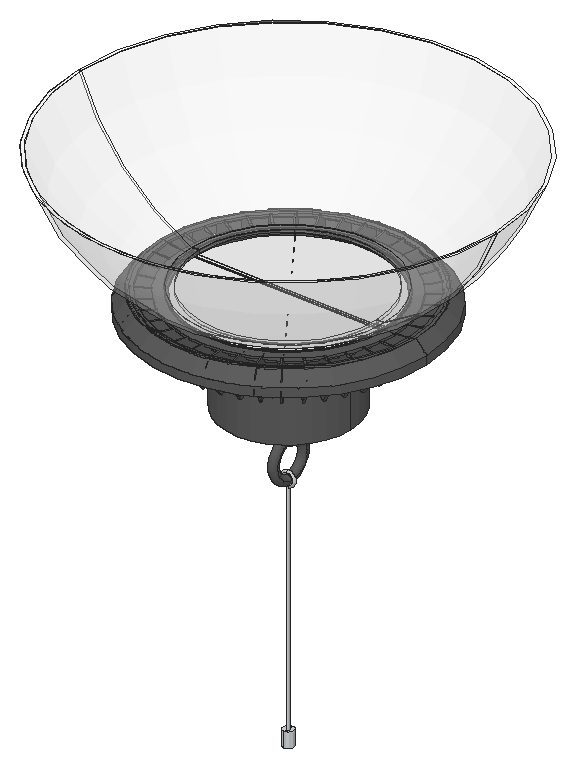
Revit family "0039362+0039358 Sylvania Lighting Fixture START HighBay IP65 DALI 13000lm 840 MB with PC LAMPSHADE TRANSPARENT 13 19KLM pendant", category Lighting Fixtures, host Face, Revit 2017
Family settings
  Host = Face
  Round Connector Dimension = Use Diameter
  Part Type = Normal
  OmniClass Number = 23.80.70.00
  OmniClass Title = Lighting
  Cut with Voids When Loaded = No
  Light Source = Yes
  Shared = No
  Room Calculation Point = No
Parameters (values of type "0039362+0039358 START HighBay IP65 DALI 13000lm 840 MB with PC LAMPSHADE TRANSPARENT 13/19KLM")
  WidthStraight_FEILO = if(SizeS_FEILO, 3 mm, if(SizeM_FEILO, 4 mm, 4.7 mm))  # 3 mm
  WidthRingChamfer_FEILO = if(SizeS_FEILO, 10.3 mm, if(SizeM_FEILO, 11.2 mm, 12.9 mm))  # 10.3 mm
  WidthCurved_FEILO = if(SizeS_FEILO, 17.4 mm, if(SizeM_FEILO, 16.4 mm, 26.2 mm))  # 17.4 mm
  WidthCurvedRing_FEILO = if(SizeS_FEILO, 3 mm, if(SizeM_FEILO, 4 mm, 4.7 mm))  # 3 mm
  WidthBracket_FEILO = 40 mm
  Weight = "3.0 kg"
  Wattage Comments = ""
  Wattage = 90 W
  WarrantyStartDate [instance] = "n/a"
  WarrantyGuarantorParts = "n/a"
  WarrantyDurationUnit = "n/a"
  WarrantyDurationParts = "n/a"
  WarrantyDescription = "n/a"
  built-in parameter 1150110 = 1 (stored number, unit not read)
  Voltage = 0 V
  VisibilityBracket_FEILO = no
  URL = "http://www.sylvania-lighting.com"
  TypeName = "START HighBay IP65 DALI 13000lm 840 MB with PC LAMPSHADE TRANSPARENT 13/19KLM"
  Type Image = <None>
  Type Comments = "n/a"
  built-in parameter 1114217 = 1 (stored number, unit not read)
  Tilt Angle = -90.00°
  ThicknessWall_FEILO = 1.5 mm
  ThicknessBracket_FEILO = 1.5 mm
  ThicknessBracketHalf_FEILO = ThicknessBracket_FEILO / 2  # 0.75 mm
  built-in parameter 1150109 = 1 (stored number, unit not read)
  built-in parameter 1150134 = 12
  SuspensionHeight_FEILO [instance] = 400 mm
  built-in parameter 1150113 = 1 (stored number, unit not read)
  SizeS_FEILO = yes
  SizeM_FEILO = no
  ShadeThickness_FEILO = 3 mm
  ShadeSizeSM_FEILO = or(SizeS_FEILO, SizeM_FEILO)  # yes
  ShadeRadiusOut_FEILO = 205 mm
  ShadeRadiusIn_FEILO = if(ShadeSizeSM_FEILO, 95 mm, 121 mm)  # 95 mm
  ShadeRadiusBend_FEILO = if(ShadeSizeSM_FEILO, 210 mm, 210 mm)  # 210 mm
  ShadeHeight_FEILO = if(ShadeSizeSM_FEILO, 120 mm, 151 mm)  # 120 mm
  SerialNumber [instance] = "n/a"
  Rib4_FEILO = if(SizeS_FEILO, 18.1 mm, if(SizeM_FEILO, 13.6 mm, 14.6 mm))  # 18.1 mm
  Rib3_FEILO = if(SizeS_FEILO, 15.3 mm, if(SizeM_FEILO, 17.6 mm, 20.2 mm))  # 15.3 mm
  Rib2_FEILO = if(SizeS_FEILO, 3.6 mm, if(SizeM_FEILO, 3.9 mm, 4.5 mm))  # 3.6 mm
  Rib1_FEILO = if(SizeS_FEILO, 15.1 mm, if(SizeM_FEILO, 16.5 mm, 19 mm))  # 15.1 mm
  RadiusDiffuser_FEILO = if(SizeS_FEILO, 95.2 mm, if(SizeM_FEILO, 105.3 mm, 120 mm))  # 95.2 mm
  RadiusArrayPost_FEILO = DriverRadius_FEILO - 6 mm  # 55.4 mm
  RHRadius3_FEILO = if(SizeS_FEILO, 6.6 mm, if(SizeM_FEILO, 7.4 mm, 8.6 mm))  # 6.6 mm
  RHRadius2_FEILO = if(SizeS_FEILO, 11 mm, if(SizeM_FEILO, 12 mm, 14 mm))  # 11 mm
  RHRadius1_FEILO = if(SizeS_FEILO, 13.6 mm, if(SizeM_FEILO, 14.9 mm, 17.7 mm))  # 13.6 mm
  RHHeight4_FEILO = if(SizeS_FEILO, 7.3 mm, if(SizeM_FEILO, 8 mm, 9.2 mm))  # 7.3 mm
  RHHeight3_FEILO = if(SizeS_FEILO, 3.6 mm, if(SizeM_FEILO, 3.7 mm, 4.6 mm))  # 3.6 mm
  RHHeight2_FEILO = if(SizeS_FEILO, 2 mm, if(SizeM_FEILO, 2.2 mm, 2.6 mm))  # 2 mm
  RHHeight1_FEILO = if(SizeS_FEILO, 11.8 mm, if(SizeM_FEILO, 15.3 mm, 17.4 mm))  # 11.8 mm
  Photometric Web File = "0039362+0039358.ies"
  Material_5_FEILO = Shade-Sylvania-StartHighbay-PC
  Material_3_FEILO = LED-Sylvania-StartHighbay-Glow
  PowerFactor = 0.95
  PowerConsumption = "90 W"
  NominalLength = 270 mm
  NominalHeight = 175 mm
  NominalDepth = 270 mm
  Name = "START HighBay IP65 DALI 13000lm 840 MB with PC LAMPSHADE TRANSPARENT 13/19KLM"
  ModelReference = Name  # "START HighBay IP65 DALI 13000lm 840 MB with PC LAMPSHADE TRANSPARENT 13/19KLM"
  ModelNumber = "0039362+0039358"
  Model = Name  # "START HighBay IP65 DALI 13000lm 840 MB with PC LAMPSHADE TRANSPARENT 13/19KLM"
  Material = "aluminium alloy housing, polycarbonate diffuser"
  ManufacturerName = "Feilo Sylvania"
  Manufacturer = "Feilo Sylvania"
  LuminousEfficacy = "130 lm/W"
  built-in parameter 1150105 = 15814.1 (stored number, unit not read)
  Lumens = 11700 lm
  LuminaireType = ""
  built-in parameter 1150115 = 1 (stored number, unit not read)
  LightOutputRatio = "n/a"
  built-in parameter 1150137 = (empty or 0)
  built-in parameter 1150139 = (empty or 0)
  LampsType = Lamp  # "LED"
  LampNominalLuminous = "11700 lm"
  LampMacAdamStep = "6"
  LampColourTemperature = "4000 K"
  LampColourRenderingIndex = "80"
  built-in parameter 1150112 = 1 (stored number, unit not read)
  built-in parameter 1150114 = 1 (stored number, unit not read)
  Lamp = "LED"
  Keynote = "16500"
  InstallationDate [instance] = "n/a"
  InputVoltage = "n/a"
  InputNominalFrequency = "50/60 Hz"
  built-in parameter 1150132 = (empty or 0)
  built-in parameter 1150102 = (empty or 0)
  built-in parameter 1150107 = 4000 (stored number, unit not read)
  built-in parameter 1150138 = (empty or 0)
  IngressProtection = "IP65"
  ImpactProtectionIndex = "IK08"
  built-in parameter 1150106 = 158.14 (stored number, unit not read)
  IfcExportType = "IfcLightFixtureType"
  IfcExportAs = "IfcLightFixtureType"
  HeightRing_FEILO = if(SizeS_FEILO, 19.8 mm, if(SizeM_FEILO, 32 mm, 36.8 mm))  # 19.8 mm
  HeightRingChamfer_FEILO = if(SizeS_FEILO, 11.7 mm, if(SizeM_FEILO, 23.2 mm, 26.6 mm))  # 11.7 mm
  EyeThickness_FEILO = if(SizeS_FEILO, 8.4 mm, if(SizeM_FEILO, 9.2 mm, 10.5 mm))  # 8.4 mm
  EyeThicknessHalf_FEILO = EyeThickness_FEILO / 2  # 4.2 mm
  EyeInner_FEILO = if(SizeS_FEILO, 13.8 mm, if(SizeM_FEILO, 15.1 mm, 17.3 mm))  # 13.8 mm
  ExpectedLife = 50000
  Emit from Circle Diameter = RadiusDiffuser_FEILO * 2  # 190.4 mm
  Emit Shape Visible in Rendering = no
  ElectricShockClassification = "Class I"
  built-in parameter 1150104 = 12.077 (stored number, unit not read)
  DurationUnit = "hours"
  DriverVerticalStraight_FEILO = if(SizeS_FEILO, 46.5 mm, if(SizeM_FEILO, 49.7 mm, 57 mm))  # 46.5 mm
  DriverVerticalChamfer_FEILO = if(SizeS_FEILO, 7.5 mm, if(SizeM_FEILO, 8.2 mm, 9.5 mm))  # 7.5 mm
  DriverRadius_FEILO = if(SizeS_FEILO, 61.4 mm, if(SizeM_FEILO, 67.2 mm, 76.4 mm))  # 61.4 mm
  DriverRadiusTop_FEILO = if(SizeS_FEILO, 42 mm, if(SizeM_FEILO, 45.3 mm, 52.4 mm))  # 42 mm
  DriverBottom_FEILO = if(SizeS_FEILO, 56 mm, if(SizeM_FEILO, 64.5 mm, 74 mm))  # 56 mm
  DocumentationLiterature = "http://www.sylvania-lighting.com/product/en-int/products/0039362"
  DimmingControlOptions = "Dimmable"
  Material_2_FEILO = Diffuser-Sylvania-StartHighbay-Transparent
  Radius_FEILO = if(SizeS_FEILO, 135 mm, if(SizeM_FEILO, 148 mm, 169.5 mm))  # 135 mm
  Dimming Lamp Color Temperature Shift = <None>
  DiameterWire_FEILO = 3 mm
  DiameterWireSupport_FEILO = 10 mm
  Description = "START Highbay, includes 1 m cables, black aluminium housing, 11,700 Lm, 90 W, 130 Lm/W, 4000 K, drive current: 2000 mA, CRI 80, 60° beam angle, DALI dimmable, IP65, IK08, 50,000 hrs (L80/B50), (D x H) 270 x 175 mm."
  Default Elevation = 1219.2 mm
  CreatedOn = "5/15/2018"
  CreatedBy = ""
  Cost = 0
  Color Filter = 16777215
  built-in parameter 1114216 [instance] = (empty or 0)
  ClassificationValue = "EF_70_80"
  ClassificationName = "Uniclass2015"
  Material_1_FEILO = Body-Sylvania-StartHighbay-Black
  BarCode [instance] = "n/a"
  built-in parameter 1114218 = 1 (stored number, unit not read)
  built-in parameter 1150133 = 10 (stored number, unit not read)
  AssetType = "Fixed"
  AssetIdentifier [instance] = "n/a"
  Assembly Code = "D5020200"
  Apparent Load = 90 VA
  Material_4_FEILO = Shade-Sylvania-StartHighbay-PC
Reference planes
  plane 1 "Center (Front/Back)": y = 0
  plane 2: z = 0
  plane 3 "Center (Left/Right)": x = 0
  plane 4: z = 400
  plane 5: x = -135
  plane 6: x = -124.7
  plane 7: z = 388.3
  plane 8: z = 380.2
  plane 9: x = -121.7
  plane 10: z = 397.375
  plane 11: x = -104.3
  plane 12: x = -95.2
  plane 13: x = -118.7
  plane 14: z = 398.375
  plane 15: z = 396.375
  plane 16: x = -92.2
  plane 17: z = 395.375
  plane 18: x = -133.5
  plane 19: x = -119.9
  plane 20: z = 376.6
  plane 21: x = -104.6
  plane 22: z = 358.5
  plane 23: x = -20
  plane 24: z = 344
  plane 25: x = -61.4
  plane 26: z = 297.5
  plane 27: x = -42
  plane 28: z = 290
  plane 29: x = -13.6
  plane 30: z = 278.2
  plane 31: z = 276.2
  plane 32: x = -11
  plane 33: z = 272.6
  plane 34: z = 265.3
  plane 35: x = -6.6
  plane 36: z = 251.5
  plane 37: z = 237.7
  plane 38: x = 4.2
  plane 39: x = -4.2
  plane 40: z = 229.3
  plane 41: z = 233.5
  plane 42: x = -129.1
  plane 43: x = -132.5
  plane 44: z = 378.7
  plane 45: x = -123.2
  plane 46: z = 320.75
  plane 47: y = -20
  plane 48: y = 20
  plane 49: x = 135
  plane 50: x = 124.7
  plane 51: x = 133.5
  plane 52: x = 129.1
  plane 53: x = 132.5
  plane 54: x = 123.2
  plane 55: z = 240.7
  plane 56: y = 1.5
  plane 57: y = -1.5
  plane 58: z = 239.2
  plane 59: z = 227.8
  plane 60: z = 226.3
  plane 61: y = -5
  plane 62: y = 5
  plane 63: z = 14
  plane 64: x = -205
  plane 65: z = 520
  plane 66: x = -95
  plane 67: x = -87
  plane 68: x = -202
  plane 69: z = 403
Forms (mm)
  Revolve 1, solid, material "Body-Sylvania-StartHighbay-Black" <- "Material_1_FEILO", detail levels medium+fine
    sketch origin (0, 0, 0) x (1, 0, 0) y (0, 0, 1)
      loop
        line (-135, 380.2) -> (-133.5, 380.2) -> (-133.5, 387.734) -> (-125.012, 397.375) -> (-118.7, 397.375) -> (-118.7, 399.16)
        arc (-118.7, 399.16) -> (-120.206, 399.56) -> (-121.7, 400) r 58.981
        line (-121.7, 400) -> (-124.241, 400)
        arc (-124.241, 400) -> (-124.657, 399.911) -> (-124.999, 399.66) r 1.015
        line (-124.999, 399.66) -> (-135, 388.3) -> (-135, 380.2)
      axis (0, 400) -> (0, 380.2)
    angle from 360 to 0
  Revolve 2, solid, material "Body-Sylvania-StartHighbay-Black" <- "Material_1_FEILO", detail levels medium+fine
    sketch origin (0, 0, 0) x (1, 0, 0) y (0, 0, 1)
      loop
        line (-104.3, 395.375) -> (-95.2, 395.375) -> (-95.2, 388.3) -> (0, 388.3) -> (0, 395.375) -> (-92.2, 395.375) -> (-92.2, 396.375) -> (-95.2, 396.375) -> (-95.2, 397.375) -> (-104.3, 397.375) -> (-104.3, 395.375)
      axis (0, 397.375) -> (0, 388.3)
    angle from 360 to 0
  Revolve 3, solid, material "Diffuser-Sylvania-StartHighbay-Transparent" <- "Material_2_FEILO", detail levels medium+fine
    sketch origin (0, 0, 0) x (1, 0, 0) y (0, 0, 1)
      loop
        line (-95.2, 396.375) -> (0, 396.375) -> (0, 398.375) -> (-95.2, 398.375) -> (-95.2, 396.375)
      axis (0, 398.375) -> (0, 396.375)
    angle from 360 to 0
  Revolve 4, solid, material "Body-Sylvania-StartHighbay-Black" <- "Material_1_FEILO"
    sketch origin (0, 0, 0) x (1, 0, 0) y (0, 0, 1)
      loop
        line (-61.4, 358.5) -> (-61.4, 297.5) -> (-42, 290) -> (-13.6, 290) -> (-13.6, 278.2) -> (-11, 276.2) -> (-11, 272.6) -> (-7.037, 266.026)
        arc (-7.037, 266.026) -> (-6.49, 265.494) -> (-5.753, 265.3) r 1.5
        line (-5.753, 265.3) -> (0, 265.3) -> (0, 358.5) -> (-61.4, 358.5)
      axis (0, 358.5) -> (0, 265.3)
    angle from 360 to 0
  Revolve 5, solid, material "Body-Sylvania-StartHighbay-Black" <- "Material_1_FEILO"
    sketch origin (0, 0, 0) x (1, 0, 0) y (0, 0, 1)
      loop
        circle (0, 233.5) r 4.2
      axis (4.2, 251.5) -> (-4.2, 251.5)
    angle from 360 to 0
  Extrusion 6, solid, material "Body-Sylvania-StartHighbay-Black" <- "Material_1_FEILO", visible <- "VisibilityBracket_FEILO"
    sketch origin (0, 0, 0) x (1, 0, 0) y (0, 0, 1)
      loop
        line (-132.5, 380.2) -> (-132.5, 378.7) -> (-125.45, 378.7)
        arc (-125.45, 378.7) -> (-124.92, 378.48) -> (-124.7, 377.95) r 0.75
        line (-124.7, 377.95) -> (-124.7, 320.75) -> (-123.2, 320.75) -> (-123.2, 378.7)
        arc (-123.2, 378.7) -> (-123.639, 379.761) -> (-124.7, 380.2) r 1.5
        line (-124.7, 380.2) -> (-132.5, 380.2)
      loop
        line (132.5, 380.2) -> (124.7, 380.2)
        arc (124.7, 380.2) -> (123.639, 379.761) -> (123.2, 378.7) r 1.5
        line (123.2, 378.7) -> (123.2, 320.75) -> (124.7, 320.75) -> (124.7, 377.95)
        arc (124.7, 377.95) -> (124.92, 378.48) -> (125.45, 378.7) r 0.75
        line (125.45, 378.7) -> (132.5, 378.7) -> (132.5, 380.2)
    from -20 to 20
  Extrusion 7, void
    sketch origin (0, 0, 0) x (0, 1, 0) y (0, 0, 1)
      loop
        arc (-10, 320.75) -> (-17.071, 323.679) -> (-20, 330.75) r 10
        line (-20, 330.75) -> (-25, 330.75) -> (-25, 315.75) -> (-10, 315.75) -> (-10, 320.75)
      loop
        line (10, 320.75) -> (10, 315.75) -> (25, 315.75) -> (25, 330.75) -> (20, 330.75)
        arc (20, 330.75) -> (17.071, 323.679) -> (10, 320.75) r 10
    from -124.7 to 124.7
  Revolve 8, solid, material "Body-Sylvania-StartHighbay-Black" <- "Material_1_FEILO", detail levels coarse
    sketch origin (0, 0, 0) x (1, 0, 0) y (0, 0, 1)
      loop
        line (0, 400) -> (-124.7, 400) -> (-135, 388.3) -> (-135, 380.2) -> (-119.9, 380.2) -> (-119.9, 376.6) -> (-104.6, 358.5) -> (0, 358.5) -> (0, 400)
      axis (0, 400) -> (0, 358.5)
    angle from 360 to 0
  Revolve 9, solid
    sketch origin (0, 0, 0) x (0, 1, 0) y (0, 0, 1)
      loop
        circle (0, 239.2) r 1.5
      axis (1.5, 233.5) -> (-1.5, 233.5)
    angle from 360 to 0
  Revolve 10, solid
    sketch origin (0, 0, 0) x (0, 1, 0) y (0, 0, 1)
      loop
        line (0, 0) -> (0, 227.8) -> (-1.5, 227.8) -> (-1.5, 14) -> (-5, 14) -> (-5, 0) -> (0, 0)
      axis (0, 0) -> (0, 227.8)
    angle from 360 to 0
  Revolve 11, solid, material "Shade-Sylvania-StartHighbay-PC" <- "Material_4_FEILO"
    sketch origin (0, 0, 0) x (1, 0, 0) y (0, 0, 1)
      loop
        line (-95, 400) -> (-87, 400) -> (-87, 403) -> (-94.341, 403)
        arc (-94.341, 403) -> (-159.747, 450.78) -> (-201.81, 520) r 207
        line (-201.81, 520) -> (-205, 520)
        arc (-205, 520) -> (-162.101, 448.908) -> (-95, 400) r 210
      axis (0, 520) -> (0, 400)
    angle from 360 to 0
Cuts and joins
  Extrusion 7 cuts Extrusion 6
Lines and regions (mm)
  reference lines
    curve 1: line (-135, 0, 388.3) -> (-124.7, 0, 400)
    curve 2: line (-104.3, 0, 397.375) -> (0, 0, 397.375)
    curve 3: arc (-104.3, 0, 397.375) -> (-113.098, 0, 398.035) -> (-121.7, 0, 400) r 58.981
    curve 4: line (-124.7, 0, 400) -> (-121.7, 0, 400)
    curve 5: line (-125.012, 0, 397.375) -> (-133.5, 0, 387.734)
    curve 6: line (-119.9, 0, 376.6) -> (-104.6, 0, 358.5)
    curve 7: line (-11, 0, 272.6) -> (-6.6, 0, 265.3)
    curve 8: circle (0, 0, 233.5) r 4.2 normal (0, -1, 0)
    curve 9: arc (-95, 0, 400) -> (-162.101, 0, 448.908) -> (-205, 0, 520) r 210
Dimensions and locks
  "Radius_FEILO": plane 3 "Center (Left/Right)" to plane 5
  "WidthRingChamfer_FEILO": plane 6 to plane 5
  "WidthStraight_FEILO": plane 9 to plane 6
  "WidthCurvedRing_FEILO": plane 13 to plane 9
  locked: plane 10 to plane 15 at 1
  locked: plane 14 to plane 10 at 1
  locked: plane 4 to plane 10 at 2.625
  locked: plane 15 to plane 17 at 1
  "ThicknessWall_FEILO": plane 18 to plane 5
  "ThicknessWall_FEILO": curve 5 to curve 1
  "HeightRingChamfer_FEILO": plane 4 to plane 7
  "HeightRing_FEILO": plane 4 to plane 8
  "RadiusDiffuser_FEILO": plane 3 "Center (Left/Right)" to plane 12
  locked: plane 16 to plane 12 at 3
  "WidthCurved_FEILO": plane 11 to plane 9
  "SuspensionHeight_FEILO": plane 4 to plane 2
  "Rib1_FEILO": plane 19 to plane 5
  "Rib2_FEILO": plane 8 to plane 20
  "Rib3_FEILO": plane 21 to plane 19
  "Rib4_FEILO": plane 20 to plane 22
  locked: plane 3 "Center (Left/Right)" to plane 23 at 20
  "DriverBottom_FEILO": plane 4 to plane 24
  "DriverRadius_FEILO": plane 3 "Center (Left/Right)" to plane 25
  "DriverVerticalStraight_FEILO": plane 24 to plane 26
  "DriverRadiusTop_FEILO": plane 3 "Center (Left/Right)" to plane 27
  "DriverVerticalChamfer_FEILO": plane 26 to plane 28
  "RHRadius1_FEILO": plane 3 "Center (Left/Right)" to plane 29
  "RHHeight2_FEILO": plane 30 to plane 31
  "RHRadius2_FEILO": plane 3 "Center (Left/Right)" to plane 32
  "RHHeight3_FEILO": plane 31 to plane 33
  "RHHeight4_FEILO": plane 33 to plane 34
  "RHRadius3_FEILO": plane 3 "Center (Left/Right)" to plane 35
  "RHHeight1_FEILO": plane 28 to plane 30
  "EyeInner_FEILO": plane 34 to plane 36
  "EyeInner_FEILO": plane 36 to plane 37
  equal spacing: plane 38, plane 3 "Center (Left/Right)", plane 39
  "EyeThickness_FEILO": plane 38 to plane 39
  "EyeThickness_FEILO": plane 37 to plane 40
  equal spacing: plane 37, plane 41, plane 40
  equal spacing: plane 6, plane 42, plane 18
  "ThicknessBracket_FEILO": plane 45 to plane 6
  "ThicknessBracket_FEILO": plane 8 to plane 44
  locked: plane 43 to plane 18 at 1
  equal spacing: plane 24, plane 46, plane 26
  equal spacing: plane 47, plane 1 "Center (Front/Back)", plane 48
  "WidthBracket_FEILO": plane 47 to plane 48
  "WidthRingChamfer_FEILO": plane 50 to plane 49
  "ThicknessWall_FEILO": plane 51 to plane 49
  equal spacing: plane 50, plane 52, plane 51
  "ThicknessBracket_FEILO": plane 54 to plane 50
  locked: plane 53 to plane 51 at 1
  "Radius_FEILO": plane 49 to plane 3 "Center (Left/Right)"
  equal spacing: plane 57, imposter light, plane 56
  "DiameterWire_FEILO": plane 57 to plane 56
  "DiameterWire_FEILO": plane 37 to plane 55
  equal spacing: plane 37, plane 58, plane 55
  "DiameterWire_FEILO": plane 60 to plane 40
  equal spacing: plane 60, plane 59, plane 40
  equal spacing: plane 61, plane 1 "Center (Front/Back)", plane 62
  "DiameterWireSupport_FEILO": plane 61 to plane 62
  locked: plane 63 to plane 2 at 14
  "ShadeRadiusOut_FEILO": plane 3 "Center (Left/Right)" to plane 64
  "ShadeHeight_FEILO": plane 65 to plane 4
  "ShadeRadiusIn_FEILO": plane 3 "Center (Left/Right)" to plane 66
  locked: plane 67 to plane 66 at 8
  "ShadeThickness_FEILO": plane 69 to plane 4
  "ShadeThickness_FEILO": plane 68 to plane 64
  "EyeThicknessHalf_FEILO": radius of curve 8
  "ThicknessBracket_FEILO": radius of Extrusion 6 sketch curve  (x2)
  "ThicknessBracketHalf_FEILO": radius of Extrusion 6 sketch curve  (x2)
  "DiameterWire_FEILO": diameter of Revolve 9 sketch curve
  "ShadeRadiusBend_FEILO": radius of curve 9
  aligned and locked: plane 2 to host face
  aligned and locked: level to host face
  aligned and locked: plane 5 to curve 1
  aligned and locked: plane 6 to curve 1
  aligned and locked: plane 7 to curve 1
  aligned and locked: plane 10 to curve 2
  aligned and locked: plane 9 to curve 3
  aligned and locked: plane 4 to curve 3
  aligned and locked: plane 11 to curve 3
  aligned and locked: plane 4 to curve 4
  aligned and locked: plane 18 to curve 5
  aligned and locked: plane 10 to curve 5
  aligned and locked: Revolve 1 sketch curve to plane 3 "Center (Left/Right)"
  aligned and locked: Revolve 1 sketch curve to curve 3
  aligned and locked: Revolve 1 sketch curve to curve 1
  aligned and locked: plane 4 to Revolve 1 sketch curve
  aligned and locked: plane 9 to Revolve 1 sketch curve
  aligned and locked: Revolve 1 sketch curve to plane 13
  aligned and locked: Revolve 1 sketch curve to plane 10
  aligned and locked: plane 13 to Revolve 1 sketch curve
  aligned and locked: plane 10 to Revolve 1 sketch curve
  aligned and locked: Revolve 1 sketch curve to plane 18
  aligned and locked: Revolve 1 sketch curve to plane 8
  aligned and locked: plane 5 to Revolve 1 sketch curve  (x2)
  aligned and locked: Revolve 2 sketch curve to plane 3 "Center (Left/Right)"
  aligned and locked: plane 11 to Revolve 2 sketch curve
  aligned and locked: Revolve 2 sketch curve to curve 2
  aligned and locked: plane 15 to Revolve 2 sketch curve
  aligned and locked: Revolve 2 sketch curve to plane 16
  aligned and locked: plane 17 to Revolve 2 sketch curve  (x2)
  aligned and locked: Revolve 2 sketch curve to plane 12
  aligned and locked: plane 7 to Revolve 2 sketch curve
  aligned and locked: Revolve 3 sketch curve to plane 3 "Center (Left/Right)"
  aligned and locked: Revolve 3 sketch curve to plane 14
  aligned and locked: plane 3 "Center (Left/Right)" to Revolve 3 sketch curve
  aligned and locked: Revolve 3 sketch curve to plane 12
  aligned and locked: plane 15 to Revolve 3 sketch curve
  aligned and locked: Revolve 1 sketch curve to curve 5
  aligned and locked: plane 22 to curve 6
  aligned and locked: plane 21 to curve 6
  aligned and locked: plane 20 to curve 6
  aligned and locked: plane 19 to curve 6
  aligned and locked: plane 33 to curve 7
  aligned and locked: plane 32 to curve 7
  aligned and locked: plane 35 to curve 7
  aligned and locked: plane 34 to curve 7
  aligned and locked: Revolve 4 sketch curve to plane 3 "Center (Left/Right)"
  aligned and locked: Revolve 4 sketch curve to plane 25
  aligned and locked: plane 27 to Revolve 4 sketch curve
  aligned and locked: plane 28 to Revolve 4 sketch curve
  aligned and locked: plane 30 to Revolve 4 sketch curve
  aligned and locked: Revolve 4 sketch curve to plane 29
  aligned and locked: plane 31 to Revolve 4 sketch curve
  aligned and locked: Revolve 4 sketch curve to curve 7
  aligned and locked: Revolve 4 sketch curve to plane 32
  aligned and locked: plane 34 to Revolve 4 sketch curve
  aligned and locked: plane 3 "Center (Left/Right)" to Revolve 4 sketch curve
  aligned and locked: plane 3 "Center (Left/Right)" to curve 8
  aligned and locked: plane 41 to curve 8
  aligned and locked: Revolve 5 sketch curve to plane 36
  aligned and locked: Revolve 5 sketch curve to curve 8
  aligned and locked: plane 43 to Extrusion 6 sketch curve  (x2)
  aligned and locked: plane 8 to Extrusion 6 sketch curve  (x3)
  aligned and locked: Extrusion 6 sketch curve to plane 45
  aligned and locked: Extrusion 6 sketch curve to plane 46  (x2)
  aligned and locked: plane 6 to Extrusion 6 sketch curve
  aligned and locked: Extrusion 6 sketch curve to plane 44  (x2)
  aligned and locked: Extrusion 6 to plane 48
  aligned and locked: plane 47 to Extrusion 6
  aligned and locked: plane 53 to Extrusion 6 sketch curve
  aligned and locked: plane 50 to Extrusion 6 sketch curve
  aligned and locked: Extrusion 6 sketch curve to plane 54
  aligned and locked: Extrusion 7 sketch curve to Extrusion 7 sketch curve
  aligned and locked: Extrusion 7 to plane 6
  aligned and locked: Extrusion 7 to Extrusion 6
  aligned and locked: Revolve 4 sketch curve to plane 22
  aligned and locked: plane 23 to nested 1
  aligned and locked: plane 1 "Center (Front/Back)" to nested 1
  aligned and locked: Revolve 8 sketch curve to plane 3 "Center (Left/Right)"
  aligned and locked: Revolve 8 sketch curve to plane 4
  aligned and locked: plane 6 to Revolve 8 sketch curve
  aligned and locked: plane 4 to Revolve 8 sketch curve
  aligned and locked: plane 7 to Revolve 8 sketch curve
  aligned and locked: Revolve 8 sketch curve to plane 5
  aligned and locked: plane 8 to Revolve 8 sketch curve  (x2)
  aligned and locked: Revolve 8 sketch curve to plane 19
  aligned and locked: plane 20 to Revolve 8 sketch curve
  aligned and locked: plane 19 to Revolve 8 sketch curve
  aligned and locked: plane 21 to Revolve 8 sketch curve
  aligned and locked: plane 22 to Revolve 8 sketch curve  (x2)
  aligned and locked: Revolve 8 sketch curve to Revolve 8 sketch curve
  aligned and locked: imposter light to plane 4
  aligned and locked: plane 3 "Center (Left/Right)" to imposter light
  aligned and locked: imposter light to plane 1 "Center (Front/Back)"
  aligned and locked: Revolve 9 sketch curve to plane 41
  aligned and locked: Revolve 10 sketch curve to plane 1 "Center (Front/Back)"
  aligned and locked: plane 1 "Center (Front/Back)" to Revolve 10 sketch curve  (x2)
  aligned and locked: host face to Revolve 10 sketch curve
  aligned and locked: plane 63 to Revolve 10 sketch curve
  aligned and locked: Revolve 10 sketch curve to plane 61
  aligned and locked: Revolve 10 sketch curve to plane 57
  aligned and locked: plane 59 to Revolve 10 sketch curve
  aligned and locked: plane 64 to curve 9
  aligned and locked: plane 65 to curve 9
  aligned and locked: plane 66 to curve 9
  aligned and locked: plane 4 to curve 9
  aligned and locked: Revolve 11 sketch curve to curve 9
  aligned and locked: plane 67 to Revolve 11 sketch curve
  aligned and locked: plane 66 to Revolve 11 sketch curve
  aligned and locked: plane 65 to Revolve 11 sketch curve  (x2)
  aligned and locked: Revolve 11 sketch curve to plane 67
  aligned and locked: plane 69 to Revolve 11 sketch curve
Automatic sketch dimensions
  host sketch curve to host sketch curve = 2438.4 mm  (x2)
  Revolve 1 sketch curve to plane 6 = 0.299 mm
  plane 6 to Revolve 1 sketch curve = 0.459 mm
  Revolve 1 sketch curve to level = 609.6 mm
  Revolve 1 sketch curve to Revolve 1 sketch curve = 2312.223 mm
  Revolve 2 sketch curve to plane 12 = 0 mm
  Revolve 2 sketch curve to plane 3 "Center (Left/Right)" = 0 mm
  Revolve 2 sketch curve to level = 609.6 mm
  Revolve 2 sketch curve to plane 4 = 2339.058 mm
  Revolve 3 sketch curve to level = 609.6 mm
  Revolve 3 sketch curve to plane 4 = 2339.058 mm
  Revolve 5 sketch curve to plane 5 = 1080 mm
  plane 38 to Revolve 5 sketch curve = 1219.2 mm
  Extrusion 7 sketch curve to plane 47 = 0 mm
  plane 46 to Extrusion 7 sketch curve = 0 mm  (x2)
  Extrusion 7 sketch curve to plane 48 = 0 mm
  plane 47 to Extrusion 7 sketch curve = 5 mm
  plane 1 "Center (Front/Back)" to Extrusion 7 sketch curve = 10 mm
  Extrusion 7 sketch curve to Extrusion 7 sketch curve = 10 mm
  plane 46 to Extrusion 7 sketch curve = 5 mm
  Extrusion 7 sketch curve to Extrusion 7 sketch curve = 5 mm
  Extrusion 7 sketch curve to plane 48 = 5 mm
  Revolve 4 sketch curve to plane 26 = 0 mm
  Revolve 4 sketch curve to plane 35 = 0.437 mm
  plane 35 to Revolve 4 sketch curve = 0.847 mm
  Revolve 4 sketch curve to plane 34 = 0.726 mm
  plane 40 to Revolve 4 sketch curve = 590.2 mm
  Revolve 4 sketch curve to plane 4 = 2339.058 mm
  Revolve 8 sketch curve to level = 609.6 mm
  Revolve 8 sketch curve to Revolve 8 sketch curve = 2386.058 mm
  Revolve 9 sketch curve to plane 1 "Center (Front/Back)" = 0 mm
  plane 58 to Revolve 9 sketch curve = 0 mm
  plane 47 to Revolve 9 sketch curve = 2534.941 mm
  Revolve 9 sketch curve to plane 48 = 2077.409 mm
  Revolve 10 sketch curve to Revolve 10 sketch curve = 609.6 mm
  Revolve 10 sketch curve to plane 4 = 2123.807 mm
  curve 2 to plane 3 "Center (Left/Right)" = 0 mm
  Revolve 11 sketch curve to Revolve 11 sketch curve = 0 mm  (x2)
  Revolve 11 sketch curve to plane 3 "Center (Left/Right)" = 0 mm
  plane 66 to Revolve 11 sketch curve = 0.659 mm
  Revolve 11 sketch curve to level = 609.6 mm
  Revolve 11 sketch curve to Revolve 11 sketch curve = 2068.248 mm
Nested families
  nested 1: "Start Highbay Rib" at (0, 0, 397.375), type "Type Name", detail levels medium+fine
    with SuspensionHeight_FEILO 2.6 mm
  nested 2: "Start Highbay Rib" at (0, 0, 397.375) x (0.9877, 0.1564, 0) z (0, 0, 1), type "Type Name", detail levels medium+fine
    with SuspensionHeight_FEILO 2.6 mm
  nested 3: "Start Highbay Rib" at (0, 0, 397.375) x (0.9511, 0.309, 0) z (0, 0, 1), type "Type Name", detail levels medium+fine
    with SuspensionHeight_FEILO 2.6 mm
  nested 4: "Start Highbay Rib" at (0, 0, 397.375) x (0.891, 0.454, 0) z (0, 0, 1), type "Type Name", detail levels medium+fine
    with SuspensionHeight_FEILO 2.6 mm
  nested 5: "Start Highbay Rib" at (0, 0, 397.375) x (0.809, 0.5878, 0) z (0, 0, 1), type "Type Name", detail levels medium+fine
    with SuspensionHeight_FEILO 2.6 mm
  nested 6: "Start Highbay Rib" at (0, 0, 397.375) x (0.7071, 0.7071, 0) z (0, 0, 1), type "Type Name", detail levels medium+fine
    with SuspensionHeight_FEILO 2.6 mm
  nested 7: "Start Highbay Rib" at (0, 0, 397.375) x (0.5878, 0.809, 0) z (0, 0, 1), type "Type Name", detail levels medium+fine
    with SuspensionHeight_FEILO 2.6 mm
  nested 8: "Start Highbay Rib" at (0, 0, 397.375) x (0.454, 0.891, 0) z (0, 0, 1), type "Type Name", detail levels medium+fine
    with SuspensionHeight_FEILO 2.6 mm
  nested 9: "Start Highbay Rib" at (0, 0, 397.375) x (0.309, 0.9511, 0) z (0, 0, 1), type "Type Name", detail levels medium+fine
    with SuspensionHeight_FEILO 2.6 mm
  nested 10: "Start Highbay Rib" at (0, 0, 397.375) x (0.1564, 0.9877, 0) z (0, 0, 1), type "Type Name", detail levels medium+fine
    with SuspensionHeight_FEILO 2.6 mm
  nested 11: "Start Highbay Rib" at (0, 0, 397.375) x (0, 1, 0) z (0, 0, 1), type "Type Name", detail levels medium+fine
    with SuspensionHeight_FEILO 2.6 mm
  nested 12: "Start Highbay Rib" at (0, 0, 397.375) x (-0.1564, 0.9877, 0) z (0, 0, 1), type "Type Name", detail levels medium+fine
    with SuspensionHeight_FEILO 2.6 mm
  nested 13: "Start Highbay Rib" at (0, 0, 397.375) x (-0.309, 0.9511, 0) z (0, 0, 1), type "Type Name", detail levels medium+fine
    with SuspensionHeight_FEILO 2.6 mm
  nested 14: "Start Highbay Rib" at (0, 0, 397.375) x (-0.454, 0.891, 0) z (0, 0, 1), type "Type Name", detail levels medium+fine
    with SuspensionHeight_FEILO 2.6 mm
  nested 15: "Start Highbay Rib" at (0, 0, 397.375) x (-0.5878, 0.809, 0) z (0, 0, 1), type "Type Name", detail levels medium+fine
    with SuspensionHeight_FEILO 2.6 mm
  nested 16: "Start Highbay Rib" at (0, 0, 397.375) x (-0.7071, 0.7071, 0) z (0, 0, 1), type "Type Name", detail levels medium+fine
    with SuspensionHeight_FEILO 2.6 mm
  nested 17: "Start Highbay Rib" at (0, 0, 397.375) x (-0.809, 0.5878, 0) z (0, 0, 1), type "Type Name", detail levels medium+fine
    with SuspensionHeight_FEILO 2.6 mm
  nested 18: "Start Highbay Rib" at (0, 0, 397.375) x (-0.891, 0.454, 0) z (0, 0, 1), type "Type Name", detail levels medium+fine
    with SuspensionHeight_FEILO 2.6 mm
  nested 19: "Start Highbay Rib" at (0, 0, 397.375) x (-0.9511, 0.309, 0) z (0, 0, 1), type "Type Name", detail levels medium+fine
    with SuspensionHeight_FEILO 2.6 mm
  nested 20: "Start Highbay Rib" at (0, 0, 397.375) x (-0.9877, 0.1564, 0) z (0, 0, 1), type "Type Name", detail levels medium+fine
    with SuspensionHeight_FEILO 2.6 mm
  nested 21: "Start Highbay Rib" at (0, 0, 397.375) x (-1, 0, 0) z (0, 0, 1), type "Type Name", detail levels medium+fine
    with SuspensionHeight_FEILO 2.6 mm
  nested 22: "Start Highbay Rib" at (0, 0, 397.375) x (-0.9877, -0.1564, 0) z (0, 0, 1), type "Type Name", detail levels medium+fine
    with SuspensionHeight_FEILO 2.6 mm
  nested 23: "Start Highbay Rib" at (0, 0, 397.375) x (-0.9511, -0.309, 0) z (0, 0, 1), type "Type Name", detail levels medium+fine
    with SuspensionHeight_FEILO 2.6 mm
  nested 24: "Start Highbay Rib" at (0, 0, 397.375) x (-0.891, -0.454, 0) z (0, 0, 1), type "Type Name", detail levels medium+fine
    with SuspensionHeight_FEILO 2.6 mm
  nested 25: "Start Highbay Rib" at (0, 0, 397.375) x (-0.809, -0.5878, 0) z (0, 0, 1), type "Type Name", detail levels medium+fine
    with SuspensionHeight_FEILO 2.6 mm
  nested 26: "Start Highbay Rib" at (0, 0, 397.375) x (-0.7071, -0.7071, 0) z (0, 0, 1), type "Type Name", detail levels medium+fine
    with SuspensionHeight_FEILO 2.6 mm
  nested 27: "Start Highbay Rib" at (0, 0, 397.375) x (-0.5878, -0.809, 0) z (0, 0, 1), type "Type Name", detail levels medium+fine
    with SuspensionHeight_FEILO 2.6 mm
  nested 28: "Start Highbay Rib" at (0, 0, 397.375) x (-0.454, -0.891, 0) z (0, 0, 1), type "Type Name", detail levels medium+fine
    with SuspensionHeight_FEILO 2.6 mm
  nested 29: "Start Highbay Rib" at (0, 0, 397.375) x (-0.309, -0.9511, 0) z (0, 0, 1), type "Type Name", detail levels medium+fine
    with SuspensionHeight_FEILO 2.6 mm
  nested 30: "Start Highbay Rib" at (0, 0, 397.375) x (-0.1564, -0.9877, 0) z (0, 0, 1), type "Type Name", detail levels medium+fine
    with SuspensionHeight_FEILO 2.6 mm
  nested 31: "Start Highbay Rib" at (0, 0, 397.375) x (0, -1, 0) z (0, 0, 1), type "Type Name", detail levels medium+fine
    with SuspensionHeight_FEILO 2.6 mm
  nested 32: "Start Highbay Rib" at (0, 0, 397.375) x (0.1564, -0.9877, 0) z (0, 0, 1), type "Type Name", detail levels medium+fine
    with SuspensionHeight_FEILO 2.6 mm
  nested 33: "Start Highbay Rib" at (0, 0, 397.375) x (0.309, -0.9511, 0) z (0, 0, 1), type "Type Name", detail levels medium+fine
    with SuspensionHeight_FEILO 2.6 mm
  nested 34: "Start Highbay Rib" at (0, 0, 397.375) x (0.454, -0.891, 0) z (0, 0, 1), type "Type Name", detail levels medium+fine
    with SuspensionHeight_FEILO 2.6 mm
  nested 35: "Start Highbay Rib" at (0, 0, 397.375) x (0.5878, -0.809, 0) z (0, 0, 1), type "Type Name", detail levels medium+fine
    with SuspensionHeight_FEILO 2.6 mm
  nested 36: "Start Highbay Rib" at (0, 0, 397.375) x (0.7071, -0.7071, 0) z (0, 0, 1), type "Type Name", detail levels medium+fine
    with SuspensionHeight_FEILO 2.6 mm
  nested 37: "Start Highbay Rib" at (0, 0, 397.375) x (0.809, -0.5878, 0) z (0, 0, 1), type "Type Name", detail levels medium+fine
    with SuspensionHeight_FEILO 2.6 mm
  nested 38: "Start Highbay Rib" at (0, 0, 397.375) x (0.891, -0.454, 0) z (0, 0, 1), type "Type Name", detail levels medium+fine
    with SuspensionHeight_FEILO 2.6 mm
  nested 39: "Start Highbay Rib" at (0, 0, 397.375) x (0.9511, -0.309, 0) z (0, 0, 1), type "Type Name", detail levels medium+fine
    with SuspensionHeight_FEILO 2.6 mm
  nested 40: "Start Highbay Rib" at (0, 0, 397.375) x (0.9877, -0.1564, 0) z (0, 0, 1), type "Type Name", detail levels medium+fine
    with SuspensionHeight_FEILO 2.6 mm
Connectors
  electrical at (0, 0, 0), driven by "Apparent Load", driven by "PowerFactor", driven by "Voltage"
    settings: index 1, voltage 0 V, apparent load 90 VA, apparent load phase1 0 VA, apparent load phase2 0 VA, apparent load phase3 0 VA, power factor 0.95, load classification "Lighting", number of poles 1, system type 30, power factor state 1, is connector primary yes, connector utility no, sub classification motor no, connector description ""
Definition of nested family "Start Highbay Rib"
  Parameters (values of type "Type Name")
    WidthStraight_FEILO = if(SizeS_FEILO, 3 mm, if(SizeM_FEILO, 4 mm, 4.7 mm))  # 3 mm
    WidthRingChamfer_FEILO = if(SizeS_FEILO, 10.3 mm, if(SizeM_FEILO, 11.2 mm, 12.9 mm))  # 10.3 mm
    WidthCurved_FEILO = if(SizeS_FEILO, 17.4 mm, if(SizeM_FEILO, 16.4 mm, 26.2 mm))  # 17.4 mm
    WidthCurvedRing_FEILO = if(SizeS_FEILO, 3 mm, if(SizeM_FEILO, 4 mm, 4.7 mm))  # 3 mm
    WidthBracket_FEILO = 40 mm
    URL = "http://www.feilosylvania.com"
    Type Image = (empty or 0)
    Type Comments = "n/a"
    ThicknessWall_FEILO = 1.5 mm
    ThicknessBracket_FEILO = 1.5 mm
    ThicknessBracketHalf_FEILO = ThicknessBracket_FEILO / 2  # 0.75 mm
    SuspensionHeight_FEILO [instance] = 2.6 mm
    SizeS_FEILO = yes
    SizeM_FEILO = no
    Rib4_FEILO = if(SizeS_FEILO, 18.1 mm, if(SizeM_FEILO, 13.6 mm, 14.6 mm))  # 18.1 mm
    Rib3_FEILO = if(SizeS_FEILO, 15.3 mm, if(SizeM_FEILO, 17.6 mm, 20.2 mm))  # 15.3 mm
    Rib2_FEILO = if(SizeS_FEILO, 3.6 mm, if(SizeM_FEILO, 3.9 mm, 4.5 mm))  # 3.6 mm
    Rib1_FEILO = if(SizeS_FEILO, 15.1 mm, if(SizeM_FEILO, 16.5 mm, 19 mm))  # 15.1 mm
    RadiusRib_FEILO = 2 mm
    RadiusDiffuser_FEILO = if(SizeS_FEILO, 95.2 mm, if(SizeM_FEILO, 105.3 mm, 120 mm))  # 95.2 mm
    RHRadius3_FEILO = if(SizeS_FEILO, 6.6 mm, if(SizeM_FEILO, 7.4 mm, 8.6 mm))  # 6.6 mm
    RHRadius2_FEILO = if(SizeS_FEILO, 11 mm, if(SizeM_FEILO, 12 mm, 14 mm))  # 11 mm
    RHRadius1_FEILO = if(SizeS_FEILO, 13.6 mm, if(SizeM_FEILO, 14.9 mm, 17.7 mm))  # 13.6 mm
    RHHeight4_FEILO = if(SizeS_FEILO, 7.3 mm, if(SizeM_FEILO, 8 mm, 9.2 mm))  # 7.3 mm
    RHHeight3_FEILO = if(SizeS_FEILO, 3.6 mm, if(SizeM_FEILO, 3.7 mm, 4.6 mm))  # 3.6 mm
    RHHeight2_FEILO = if(SizeS_FEILO, 2 mm, if(SizeM_FEILO, 2.2 mm, 2.6 mm))  # 2 mm
    RHHeight1_FEILO = if(SizeS_FEILO, 11.8 mm, if(SizeM_FEILO, 15.3 mm, 17.4 mm))  # 11.8 mm
    Material_3_FEILO = none
    Model = ""
    Manufacturer = "Feilo Sylvania"
    Keynote = "16500"
    HeightRing_FEILO = if(SizeS_FEILO, 19.8 mm, if(SizeM_FEILO, 32 mm, 36.8 mm))  # 19.8 mm
    HeightRingChamfer_FEILO = if(SizeS_FEILO, 11.7 mm, if(SizeM_FEILO, 23.2 mm, 26.6 mm))  # 11.7 mm
    EyeThickness_FEILO = if(SizeS_FEILO, 8.4 mm, if(SizeM_FEILO, 9.2 mm, 10.5 mm))  # 8.4 mm
    EyeThicknessHalf_FEILO = EyeThickness_FEILO / 2  # 4.2 mm
    EyeInner_FEILO = if(SizeS_FEILO, 13.8 mm, if(SizeM_FEILO, 15.1 mm, 17.3 mm))  # 13.8 mm
    DriverVerticalStraight_FEILO = if(SizeS_FEILO, 46.5 mm, if(SizeM_FEILO, 49.7 mm, 57 mm))  # 46.5 mm
    DriverVerticalChamfer_FEILO = if(SizeS_FEILO, 7.5 mm, if(SizeM_FEILO, 8.2 mm, 9.5 mm))  # 7.5 mm
    DriverRadius_FEILO = if(SizeS_FEILO, 61.4 mm, if(SizeM_FEILO, 67.2 mm, 76.4 mm))  # 61.4 mm
    DriverRadiusTop_FEILO = if(SizeS_FEILO, 42 mm, if(SizeM_FEILO, 45.3 mm, 52.4 mm))  # 42 mm
    DriverBottom_FEILO = if(SizeS_FEILO, 56 mm, if(SizeM_FEILO, 64.5 mm, 74 mm))  # 56 mm
    Material_2_FEILO = none
    Radius_FEILO = if(SizeS_FEILO, 135 mm, if(SizeM_FEILO, 148 mm, 169.5 mm))  # 135 mm
    Description = ""
    Default Elevation = 1219.2 mm
    Cost = 0
    Material_1_FEILO = none
    Assembly Code = "D5020200"
    Material_4_FEILO = none
  Reference planes
    plane 1 "Center (Front/Back)": y = 0
    plane 2: z = 0
    plane 3 "Center (Left/Right)": x = 0
    plane 4: z = 2.6
    plane 5: x = -135
    plane 6: x = -124.7
    plane 7: z = -9.1
    plane 8: z = -17.2
    plane 9: x = -121.7
    plane 10: z = -0.025
    plane 11: x = -104.3
    plane 12: x = -95.2
    plane 13: x = -118.7
    plane 14: z = 0.975
    plane 15: z = -1.025
    plane 16: x = -92.2
    plane 17: z = -2.025
    plane 18: x = -133.5
    plane 19: x = -119.9
    plane 20: z = -20.8
    plane 21: x = -104.6
    plane 22: z = -38.9
    plane 23: x = -20
    plane 24: z = -53.4
    plane 25: x = -61.4
    plane 26: z = -99.9
    plane 27: x = -42
    plane 28: z = -107.4
    plane 29: x = -13.6
    plane 30: z = -119.2
    plane 31: z = -121.2
    plane 32: x = -11
    plane 33: z = -124.8
    plane 34: z = -132.1
    plane 35: x = -6.6
    plane 36: z = -145.9
    plane 37: z = -159.7
    plane 38: x = 4.2
    plane 39: x = -4.2
    plane 40: z = -168.1
    plane 41: z = -163.9
    plane 42: x = -129.1
    plane 43: x = -132.5
    plane 44: z = -18.7
    plane 45: x = -123.2
    plane 46: z = -76.65
    plane 47: y = -20
    plane 48: y = 20
    plane 49: x = 135
    plane 50: x = 124.7
    plane 51: x = 133.5
    plane 52: x = 129.1
    plane 53: x = 132.5
    plane 54: x = 123.2
    plane 55: y = 0.75
    plane 56: y = -0.75
  Forms (mm)
    Extrusion 1, solid
      sketch origin (4.2, 0, 0) x (1, 0, 0) y (0, 1, 0)
        loop
          line (-1219.2, 1219.2) -> (-1219.2, -1219.2) -> (1219.2, -1219.2) -> (1219.2, 1219.2) -> (-1219.2, 1219.2)
      from 0 to -68.017
    Extrusion 2, solid, material <- "Material_1_FEILO"
      sketch origin (0, 0, 0) x (1, 0, 0) y (0, 0, 1)
        loop
          arc (-104.3, -0.025) -> (-111.555, 0.423) -> (-118.7, 1.76) r 58.981
          line (-118.7, 1.76) -> (-118.7, -0.025) -> (-125.012, -0.025) -> (-133.5, -9.666) -> (-133.5, -17.2) -> (-119.9, -17.2) -> (-119.9, -20.068)
          arc (-119.9, -20.068) -> (-119.778, -20.755) -> (-119.427, -21.359) r 2
          line (-119.427, -21.359) -> (-104.966, -38.467)
          arc (-104.966, -38.467) -> (-104.381, -38.789) -> (-103.723, -38.9) r 2
          line (-103.723, -38.9) -> (-20, -38.9) -> (-20, -9.1) -> (-95.2, -9.1) -> (-95.2, -2.025) -> (-104.3, -2.025) -> (-104.3, -0.025)
      from -0.75 to 0.75
  Lines and regions (mm)
    reference lines
      curve 1: line (-135, 0, -9.1) -> (-124.7, 0, 2.6)
      curve 2: line (-104.3, 0, -0.025) -> (0, 0, -0.025)
      curve 3: arc (-104.3, 0, -0.025) -> (-113.098, 0, 0.635) -> (-121.7, 0, 2.6) r 58.981
      curve 4: line (-124.7, 0, 2.6) -> (-121.7, 0, 2.6)
      curve 5: line (-125.012, 0, -0.025) -> (-133.5, 0, -9.666)
      curve 6: line (-119.9, 0, -20.8) -> (-104.6, 0, -38.9)
  Dimensions and locks
    "Radius_FEILO": plane 3 "Center (Left/Right)" to plane 5
    "WidthRingChamfer_FEILO": plane 6 to plane 5
    "WidthStraight_FEILO": plane 9 to plane 6
    "WidthCurvedRing_FEILO": plane 13 to plane 9
    locked: plane 10 to plane 15 at 1
    locked: plane 14 to plane 10 at 1
    locked: plane 4 to plane 10 at 2.625
    locked: plane 15 to plane 17 at 1
    "ThicknessWall_FEILO": plane 18 to plane 5
    "ThicknessWall_FEILO": curve 5 to curve 1
    "HeightRingChamfer_FEILO": plane 4 to plane 7
    "HeightRing_FEILO": plane 4 to plane 8
    "RadiusDiffuser_FEILO": plane 3 "Center (Left/Right)" to plane 12
    locked: plane 16 to plane 12 at 3
    "WidthCurved_FEILO": plane 11 to plane 9
    "SuspensionHeight_FEILO": plane 4 to plane 2
    "Rib1_FEILO": plane 19 to plane 5
    "Rib2_FEILO": plane 8 to plane 20
    "Rib3_FEILO": plane 21 to plane 19
    "Rib4_FEILO": plane 20 to plane 22
    locked: plane 3 "Center (Left/Right)" to plane 23 at 20
    "DriverBottom_FEILO": plane 4 to plane 24
    "DriverRadius_FEILO": plane 3 "Center (Left/Right)" to plane 25
    "DriverVerticalStraight_FEILO": plane 24 to plane 26
    "DriverRadiusTop_FEILO": plane 3 "Center (Left/Right)" to plane 27
    "DriverVerticalChamfer_FEILO": plane 26 to plane 28
    "RHRadius1_FEILO": plane 3 "Center (Left/Right)" to plane 29
    "RHHeight2_FEILO": plane 30 to plane 31
    "RHRadius2_FEILO": plane 3 "Center (Left/Right)" to plane 32
    "RHHeight3_FEILO": plane 31 to plane 33
    "RHHeight4_FEILO": plane 33 to plane 34
    "RHRadius3_FEILO": plane 3 "Center (Left/Right)" to plane 35
    "RHHeight1_FEILO": plane 28 to plane 30
    "EyeInner_FEILO": plane 34 to plane 36
    "EyeInner_FEILO": plane 36 to plane 37
    equal spacing: plane 38, plane 3 "Center (Left/Right)", plane 39
    "EyeThickness_FEILO": plane 38 to plane 39
    "EyeThickness_FEILO": plane 37 to plane 40
    equal spacing: plane 37, plane 41, plane 40
    equal spacing: plane 6, plane 42, plane 18
    "ThicknessBracket_FEILO": plane 45 to plane 6
    "ThicknessBracket_FEILO": plane 8 to plane 44
    locked: plane 43 to plane 18 at 1
    equal spacing: plane 24, plane 46, plane 26
    equal spacing: plane 47, plane 1 "Center (Front/Back)", plane 48
    "WidthBracket_FEILO": plane 47 to plane 48
    "WidthRingChamfer_FEILO": plane 50 to plane 49
    "ThicknessWall_FEILO": plane 51 to plane 49
    equal spacing: plane 50, plane 52, plane 51
    "ThicknessBracket_FEILO": plane 54 to plane 50
    locked: plane 53 to plane 51 at 1
    "Radius_FEILO": plane 49 to plane 3 "Center (Left/Right)"
    equal spacing: plane 56, plane 1 "Center (Front/Back)", plane 55
    "ThicknessWall_FEILO": plane 56 to plane 55
    "RadiusRib_FEILO": radius of Extrusion 2 sketch curve  (x2)
    aligned and locked: plane 2 to Extrusion 1
    aligned and locked: level to Extrusion 1
    aligned and locked: plane 5 to curve 1
    aligned and locked: plane 6 to curve 1
    aligned and locked: plane 7 to curve 1
    aligned and locked: plane 10 to curve 2
    aligned and locked: plane 9 to curve 3
    aligned and locked: plane 4 to curve 3
    aligned and locked: plane 11 to curve 3
    aligned and locked: plane 4 to curve 4
    aligned and locked: plane 18 to curve 5
    aligned and locked: plane 10 to curve 5
    aligned and locked: plane 22 to curve 6
    aligned and locked: plane 21 to curve 6
    aligned and locked: plane 20 to curve 6
    aligned and locked: plane 19 to curve 6
    aligned and locked: Extrusion 2 sketch curve to plane 23
    aligned and locked: Extrusion 2 sketch curve to plane 22
    aligned and locked: Extrusion 2 sketch curve to curve 6
    aligned and locked: plane 19 to Extrusion 2 sketch curve
    aligned and locked: Extrusion 2 sketch curve to plane 8
    aligned and locked: Extrusion 2 sketch curve to curve 5
    aligned and locked: Extrusion 2 sketch curve to curve 3
    aligned and locked: Extrusion 2 to plane 55
    aligned and locked: plane 56 to Extrusion 2
    aligned and locked: curve 6 to Extrusion 2 sketch curve
  Automatic sketch dimensions
    Extrusion 1 sketch curve to Extrusion 1 sketch curve = 2438.4 mm  (x2)
    curve 2 to plane 3 "Center (Left/Right)" = 0 mm
    Extrusion 2 sketch curve to plane 18 = 0 mm
    Extrusion 2 sketch curve to plane 10 = 0 mm
    Extrusion 2 sketch curve to plane 13 = 0 mm
    Extrusion 2 sketch curve to plane 7 = 0 mm
    Extrusion 2 sketch curve to plane 12 = 0 mm
    Extrusion 2 sketch curve to plane 17 = 0 mm
    plane 19 to Extrusion 2 sketch curve = 0.473 mm
    Extrusion 2 sketch curve to plane 21 = 0.366 mm
